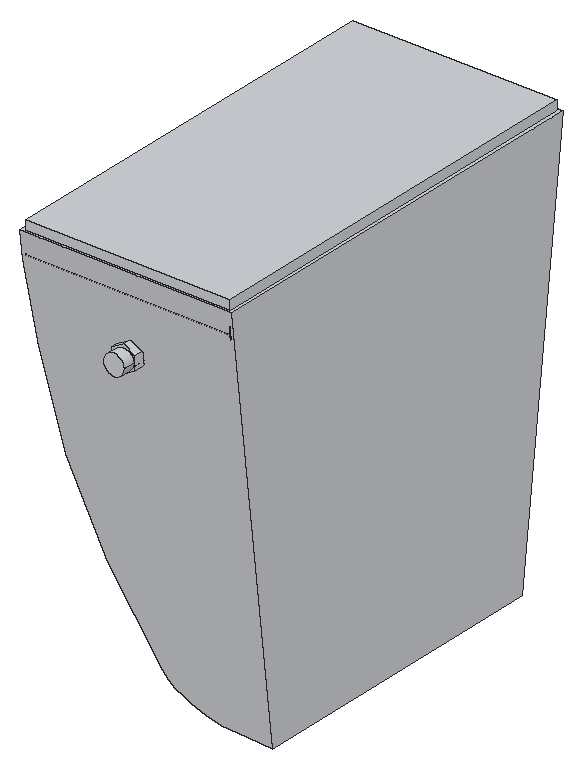
Revit family "0049945_1700lm", category Lighting Fixtures, host Face, Revit 2018
Family settings
  Host = Face
  Round Connector Dimension = Use Diameter
  Part Type = Normal
  OmniClass Number = 23.80.70.00
  OmniClass Title = Lighting
  Cut with Voids When Loaded = No
  Light Source = Yes
  Shared = No
  Room Calculation Point = No
Parameters (values of type "0049945 MURO SURF IP65 1700-3250LM 840 PH E3 GR")
  Weight = "n/a"
  Wattage Comments = ""
  Wattage = 0 W
  WarrantyStartDate [instance] = "n/a"
  WarrantyGuarantorParts = "n/a"
  WarrantyDurationUnit = "n/a"
  WarrantyDurationParts = ""
  WarrantyDescription = "http://www.sylvania-lighting.com"
  built-in parameter 1150110 = 1 (stored number, unit not read)
  Voltage = 0 V
  URL = "0.9"
  TypeName = "Muro Surface IP65 1700-3250lm 840 PH E3 Grey"
  Type Image = <None>
  Type Comments = "n/a"
  built-in parameter 1114217 = 1 (stored number, unit not read)
  Tilt Angle = -90.00°
  built-in parameter 1150109 = 1 (stored number, unit not read)
  built-in parameter 1150134 = 12
  built-in parameter 1150113 = 1 (stored number, unit not read)
  SerialNumber [instance] = "n/a"
  Photometric Web File = "0049945_1700lm.IES"
  Material_3_SYL = none
  PowerFactor = 0.95
  PowerConsumption = "Lighting"
  NominalLength = 155 mm
  NominalHeight = 305 mm
  NominalDepth = 155 mm
  Name = "Muro Surface IP65 1700-3250lm 840 PH E3 Grey"
  ModelReference = Name  # "Muro Surface IP65 1700-3250lm 840 PH E3 Grey"
  ModelNumber = "0049945"
  Model = Name  # "Muro Surface IP65 1700-3250lm 840 PH E3 Grey"
  Material = "Feilo Sylvania"
  ManufacturerName = "108 lm/W"
  Manufacturer = ""
  LuminousEfficacy = ""
  built-in parameter 1150105 = (empty or 0)
  Lumens = 0 lm
  LuminaireType = "0"
  built-in parameter 1150115 = 1 (stored number, unit not read)
  LightOutputRatio = "LED"
  built-in parameter 1150137 = (empty or 0)
  built-in parameter 1150139 = (empty or 0)
  LampsType = Lamp  # "n/a"
  LampNominalLuminous = "4000 K"
  LampMacAdamStep = "80"
  LampColourTemperature = "LED"
  LampColourRenderingIndex = "16500"
  built-in parameter 1150112 = 1 (stored number, unit not read)
  built-in parameter 1150114 = 1 (stored number, unit not read)
  Lamp = "n/a"
  Keynote = "n/a"
  InstallationDate [instance] = "n/a"
  InputVoltage = "0"
  InputNominalFrequency = "4000"
  built-in parameter 1150132 = (empty or 0)
  built-in parameter 1150102 = (empty or 0)
  built-in parameter 1150107 = 4000 (stored number, unit not read)
  built-in parameter 1150138 = (empty or 0)
  IngressProtection = "IfcLightFixtureType"
  ImpactProtectionIndex = "IfcLightFixtureType"
  built-in parameter 1150106 = (empty or 0)
  IfcExportType = "IfcLightFixtureType"
  IfcExportAs = "Class I"
  Emit from Circle Diameter = 609.6 mm
  Emit Shape Visible in Rendering = no
  ElectricShockClassification = "108"
  built-in parameter 1150104 = 11.334 (stored number, unit not read)
  DocumentationLiterature = "http://www.sylvania-lighting.com/product/en-int/products/0049945"
  DimmingControlOptions = "n/a"
  Material_2_SYL = none
  Dimming Lamp Color Temperature Shift = <None>
  Description = "Muro Surface is a wall mounted fixture for exterior lighting applications with 3 hours combined non-maintained emergency unit. Comes with aluminium housing in RAL7016 anthracite grey colour, frosted PC diffuser, IP65, IK10, Class I, 4000K, non-dimmable multipower driver with 5 settings, 1700 / 1900 / 2750 / 3150 / 3250 lm, 16 / 18 / 26 / 29 / 30 W, up to 109 lm/W total system efficacy, switchable built in Mini photocell, CRI80, Asymmetrical beam, 119.000 hrs L70B50 lifespan, 304 x 305 x 155 mm (L x W x D) dimensions, 4.32 kg weight."
  Default Elevation = 1219.2 mm
  CreatedOn = "27/06/2022"
  CreatedBy = "@sylvania-lighting.com"
  Cost = 0
  Color Filter = 16777215
  built-in parameter 1114216 [instance] = (empty or 0)
  ClassificationValue = "EF_70_80"
  ClassificationName = "Uniclass2015"
  Material_1_SYL = none
  BarCode [instance] = "n/a"
  built-in parameter 1114218 = 1 (stored number, unit not read)
  built-in parameter 1150133 = 10 (stored number, unit not read)
  AssetType = "Fixed"
  AssetIdentifier [instance] = "n/a"
  Assembly Code = "D5020200"
  Apparent Load = 30 VA
  Material_4_SYL = none
Reference planes
  plane 1 "Center (Front/Back)": y = 0
  plane 2: z = 0
  plane 3 "Center (Left/Right)": x = 0
  plane 4: x = -78
  plane 5: x = 78
  plane 6: z = -305
  plane 7: y = 150
  plane 8: y = -150
  plane 9: x = -75
  plane 10: x = 75
  plane 11: y = 115
  plane 12: y = -115
  plane 13: z = -65
  plane 14: x = -2
Forms (mm)
  Extrusion 1, solid
    sketch origin (0, 0, 0) x (1, 0, 0) y (0, 0, 1)
      loop
        line (78, -310) -> (78, -6.48) -> (-78, -6.48) -> (-78, -26.48) -> (-72.235, -85.387)
        arc (-72.235, -85.387) -> (-48.397, -189.323) -> (-0.704, -284.698) r 448.659
        arc (-0.704, -284.698) -> (5.844, -292.285) -> (14.114, -297.948) r 38.9
        line (14.114, -297.948) -> (19.517, -300.701)
        arc (19.517, -300.701) -> (35.277, -306.672) -> (51.956, -309.091) r 77.403
        line (51.956, -309.091) -> (78, -310)
    from -152 to 152
  Extrusion 2, solid
    sketch origin (0, 0, 0) x (1, 0, 0) y (0, 1, 0)
      loop
        line (75, 150) -> (-75, 150) -> (-75, -150) -> (75, -150) -> (75, 150)
    from -26.48 to 0
  Extrusion 3, void
    sketch origin (319, 1524, 1219.2) x (0, 1, 0) y (0, 0, 1)
      loop
        line (-1412.802, -1554.876) -> (-1285.02, -1554.876) -> (-1262, -1225.68) -> (-1372, -1225.68) -> (-1412.802, -1554.876)
    from -490.123 to 1
  Extrusion 4, void
    sketch origin (319, -1524, 1219.2) x (0, -1, 0) y (0, 0, -1)
      loop
        line (-1412.802, 1554.876) -> (-1372, 1225.68) -> (-1262, 1225.68) -> (-1285.02, 1554.876) -> (-1412.802, 1554.876)
    from -490.123 to 1
  Extrusion 5, solid
    sketch origin (0, 0, 0) x (1, 0, 0) y (0, 0, 1)
      loop
        circle (-2, -65) r 7.5
    from 0 to 160.393
  Extrusion 6, solid
    sketch origin (0, 0, 0) x (1, 0, 0) y (0, 0, 1)
      loop
        line (-2, -55) -> (-10.66, -60) -> (-10.66, -70) -> (-2, -75) -> (6.66, -70) -> (6.66, -60) -> (-2, -55)
    from 0 to 152
Cuts and joins
  Extrusion 3, Extrusion 4 cuts Extrusion 1
  Extrusion 4 cuts Extrusion 2
Dimensions and locks
  aligned and locked: plane 2 to host face
  aligned and locked: level to host face
Connectors
  electrical at (78, 0, -158.24)
    settings: on cut or joined group of Extrusion 1, Extrusion 3, Extrusion 4, index 1, voltage 0 V, apparent load 0 VA, apparent load phase1 0 VA, apparent load phase2 0 VA, apparent load phase3 0 VA, power factor 1, load classification "Other", number of poles 1, system type 31, power factor state 1, is connector primary yes, connector utility no, sub classification motor no, connector description ""
